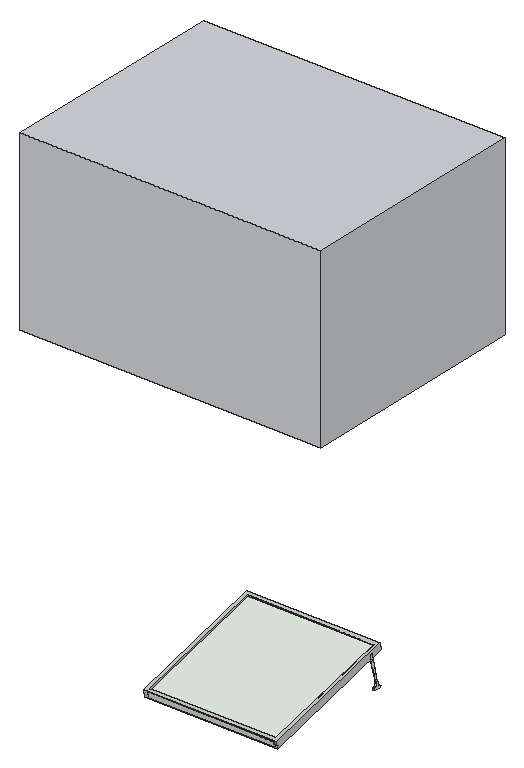
Revit family
Parameters
  Warranty Duration (Years) = 0
  Unit Width [instance] = 1' - 8"
  Unit Height [instance] = 1' - 8"
  Unit Depth = 0' - 1"
  URL = "http://www.americanspecialties.com/viewCategories.cfm"
  Trim Material = Glass
  Test Data = ""
  Specification = "http://www.arcat.com/sdspecs/htm/10810asi.htm"
  SpecWizard = ""
  Send Message = "http://www.arcat.com/users.pl?action=UserEmail&company=American%20Specialties,%20Inc.&coid=30448&rep=139&fax=914-476-0688&mf="
  Sales Information = "http://www.americanspecialties.com/contact"
  Revision = "R1_10-2010"
  Product Properties = "http://www.americanspecialties.com/datasheets/0600T.pdf"
  Product Data = "http://www.arcat.com/arcatcos/cos30/arc30448.html"
  Model = "As Specified in 10 28 13"
  Mirror W [instance] = 1' - 7"
  Mirror Height = 1' - 7 1/2"
  Manufacturer Website = "http://www.americanspecialties.com/viewCategories.cfm"
  Manufacturer Phone - Toll Free = ""
  Manufacturer Phone = "914-476-9000 "
  Manufacturer Fax = "914-476-0688"
  Manufacturer Address = "441 Saw Mill River Rd., Yonkers, NY 10701"
  Manufacturer = "American Specialties, Inc."
  Maintenance Schedule (Months) = 0
  M = if(B = 0' 4", 0' 3 205/256", 0' 0 7/8")  # 0' - 0 7/8"
  Keynote = "10 28 13"
  Installation-Fabrication = "http://www.americanspecialties.com/products.cfm"
  Green Building-LEED = ""
  Expected Lifespan (Years) = 0
  Drawn By = "Robert S. Weygant. CSI, CDT, SCIP"  # constant formula
  Description = "Toilet Accessory as Specified in 10 28 13"
  Default Elevation = 4' - 0"
  Copyright = "©Arcat Inc."
  Construction Details = "http://www.arcat.com/green/clients/leed_data_30448.html"
  Building Codes = "http://www.americanspecialties.com/products.cfm"
  Body Material = Metal - Stainless Steel
  B = 0' - 1"
  Assembly Code = "C1030210"
Reference planes (in)
  plane 1 "Center (Front/Back)": y = -0.29112
  plane 2 "Floor Line": z = 0
  plane 3 "Center (Left/Right)": x = -0.65843
  plane 4: z = 58
  plane 5: x = -10.65843
  plane 6: x = 9.34157
  plane 7: z = 48
  plane 8: z = 68
  plane 9: x = 8.84157
  plane 10: x = -10.15843
  plane 11: z = 6
Forms (in)
  Extrusion 1, solid
    sketch origin (-3, -9, -6) x (0, 0, -1) y (1, 0, 0)
      loop
        line (-82, 26) -> (-82, -19.34712) -> (-55.3581, -19.34712) -> (-55.3581, 26) -> (-82, 26)
    from 9 to -25.60721
  Extrusion 2, solid, material "Metal - Stainless Steel" <- "Body Material"
    sketch origin (-8.65843, 1.43085, 2.605) x (0, 0.970425, 0.241403) y (0, -0.241403, 0.970425)
      loop
        line (-10.79112, 0) -> (9.20888, 0) -> (9.20888, 1) -> (-10.79112, 1) -> (-10.79112, 0)
    from -2 to 18
  Extrusion 3, solid, material "Glass" <- "Trim Material"
    sketch origin (-0.65843, -0.26739, 2.18255) x (0, 0.970425, 0.241403) y (0, -0.241403, 0.970425)
      loop
        line (-9.04112, 0.875) -> (-9.04112, 0) -> (10.45888, 0) -> (10.45888, 0.875) -> (-9.04112, 0.875)
    from -9.5 to 9.5
  Extrusion 4, void
    sketch origin (-0.65843, -0.26739, 2.18255) x (0, 0.970425, 0.241403) y (0, -0.241403, 0.970425)
      loop
        line (10.45888, 0.25) -> (10.45888, 4.08757) -> (-8.54112, 4.08757) -> (-8.54112, 0.25) -> (10.45888, 0.25)
    from -9.5 to 9.5
  Extrusion 5, solid, material "Glass" <- "Trim Material"
    sketch origin (-0.65843, 0, 0) x (0, 1, 0) y (0, 0, 1)
      loop
        arc (9.8129, 0) -> (9.96828, 0.15538) -> (9.8129, 0.31076) r 0.15538
        line (9.8129, 0.31076) -> (9.55916, 0.31076) -> (9.55916, 0.87227)
        arc (9.55916, 0.87227) -> (9.43416, 0.99727) -> (9.30916, 0.87227) r 0.125
        line (9.30916, 0.87227) -> (9.30916, 0.31076) -> (9.0629, 0.31076)
        arc (9.0629, 0.31076) -> (8.90751, 0.15538) -> (9.0629, 0) r 0.15538
        line (9.0629, 0) -> (9.8129, 0)
      loop
        circle (9.43416, 0.87227) r 0.03725
      loop
        circle (9.0629, 0.15538) r 0.05677
      loop
        circle (9.8129, 0.15538) r 0.05677
    from 10 to 10.25635
  Extrusion 6, solid, material "Glass" <- "Trim Material"
    sketch origin (-0.65843, 0, 0) x (0, 1, 0) y (0, 0, -1)
      loop
        line (9.8129, 0) -> (9.0629, 0)
        arc (9.0629, 0) -> (8.90751, -0.15538) -> (9.0629, -0.31076) r 0.15538
        line (9.0629, -0.31076) -> (9.30916, -0.31076) -> (9.30916, -0.87227)
        arc (9.30916, -0.87227) -> (9.43416, -0.99727) -> (9.55916, -0.87227) r 0.125
        line (9.55916, -0.87227) -> (9.55916, -0.31076) -> (9.8129, -0.31076)
        arc (9.8129, -0.31076) -> (9.96828, -0.15538) -> (9.8129, 0) r 0.15538
      loop
        circle (9.43416, -0.87227) r 0.03725
      loop
        circle (9.0629, -0.15538) r 0.05677
      loop
        circle (9.8129, -0.15538) r 0.05677
    from 10 to 10.25635
  Extrusion 7, solid, material "Glass" <- "Trim Material"
    sketch origin (-10.72093, 0.49157, -2.25731) x (0, 0.970272, 0.242018) y (0, 0.242018, -0.970272)
      loop
        line (9.54914, -2.76571) -> (9.54914, -0.87227)
        arc (9.54914, -0.87227) -> (9.42414, -0.74727) -> (9.29914, -0.87227) r 0.125
        line (9.29914, -0.87227) -> (9.29914, -2.76571)
        arc (9.29914, -2.76571) -> (9.42414, -2.89071) -> (9.54914, -2.76571) r 0.125
      loop
        circle (9.43416, -0.87227) r 0.03725
      loop
        circle (9.42363, -2.70527) r 0.03725
    from 0 to 0.0625
  Extrusion 8, solid, material "Glass" <- "Trim Material"
    sketch origin (0.6046, 0.10033, -0.80114) x (0, 0.974554, 0.224155) y (0, 0.224155, -0.974554)
      loop
        line (9.55222, -3.72206) -> (9.55222, -1.3711)
        arc (9.55222, -1.3711) -> (9.42722, -1.2461) -> (9.30222, -1.3711) r 0.125
        line (9.30222, -1.3711) -> (9.30222, -3.72206)
        arc (9.30222, -3.72206) -> (9.42722, -3.84706) -> (9.55222, -3.72206) r 0.125
      loop
        circle (9.42722, -1.3711) r 0.03725
      loop
        circle (9.43835, -3.73574) r 0.03725
    from 11.26303 to 11.32553
  Extrusion 9, solid, material "Glass" <- "Trim Material"
    sketch origin (9.40407, 0.49157, -2.25731) x (0, 0.970272, 0.242018) y (0, -0.242018, 0.970272)
      loop
        arc (9.54914, 2.76571) -> (9.42414, 2.89071) -> (9.29914, 2.76571) r 0.125
        line (9.29914, 2.76571) -> (9.29914, 0.87227)
        arc (9.29914, 0.87227) -> (9.42414, 0.74727) -> (9.54914, 0.87227) r 0.125
        line (9.54914, 0.87227) -> (9.54914, 2.76571)
      loop
        circle (9.43416, 0.87227) r 0.03725
      loop
        circle (9.42363, 2.70527) r 0.03725
    from 0 to 0.0625
  Extrusion 10, solid, material "Glass" <- "Trim Material"
    sketch origin (-1.92146, 0.10033, -0.80114) x (0, 0.974554, 0.224155) y (0, -0.224155, 0.974554)
      loop
        arc (9.55222, 3.72206) -> (9.42722, 3.84706) -> (9.30222, 3.72206) r 0.125
        line (9.30222, 3.72206) -> (9.30222, 1.3711)
        arc (9.30222, 1.3711) -> (9.42722, 1.2461) -> (9.55222, 1.3711) r 0.125
        line (9.55222, 1.3711) -> (9.55222, 3.72206)
      loop
        circle (9.42722, 1.3711) r 0.03725
      loop
        circle (9.43835, 3.73574) r 0.03725
    from 11.26303 to 11.32553
Cuts and joins
  Extrusion 4 cuts Extrusion 2
Dimensions and locks (in)
  equal spacing: plane 8, plane 4, plane 7
  equal spacing: plane 6, plane 3 "Center (Left/Right)", plane 5
  "Unit Width": plane 6 to plane 5
  "Unit Height": plane 8 to plane 7
  "Default Elevation": plane 7 to plane 2 "Floor Line"
  "Unit Height": Extrusion 2 sketch curve to Extrusion 2 sketch curve
  locked: Extrusion 2 sketch curve to Extrusion 2 sketch curve at 1
  "B": Extrusion 2 sketch curve to Extrusion 2 sketch curve
  locked: cut or joined group of Extrusion 2, Extrusion 4 to cut or joined group of Extrusion 2, Extrusion 4 at 0.5  (x2)
  "Mirror W": plane 10 to plane 9
  equal spacing: plane 10, plane 3 "Center (Left/Right)", plane 9
  "M": Extrusion 3 sketch curve to Extrusion 3 sketch curve
  locked: Extrusion 3 sketch curve to Extrusion 3 sketch curve at 0.875
  aligned and locked: plane 6 to cut or joined group of Extrusion 2, Extrusion 4
  aligned and locked: cut or joined group of Extrusion 2, Extrusion 4 to plane 5
  aligned and locked: Extrusion 3 to plane 9
  aligned and locked: plane 10 to Extrusion 3
  aligned and locked: Extrusion 3 to Extrusion 4
  aligned and locked: Extrusion 5 to plane 6
Automatic sketch dimensions
  Extrusion 1 sketch curve to Extrusion 1 sketch curve = 2' - 2.6419"
  Extrusion 1 sketch curve to Extrusion 1 sketch curve = 3' - 9.34712"
  Extrusion 2 sketch curve to level = 0' - 0"
  plane 1 "Center (Front/Back)" to Extrusion 2 sketch curve = 0' - 8.9914"
  Extrusion 3 sketch curve to level = 0' - 0"
  plane 1 "Center (Front/Back)" to Extrusion 3 sketch curve = 0' - 8 3/4"
  Extrusion 3 sketch curve to Extrusion 3 sketch curve = 1' - 7 1/2"
  level to Extrusion 4 sketch curve = 0' - 0.36331"
  plane 1 "Center (Front/Back)" to Extrusion 4 sketch curve = 0' - 8.32514"
  Extrusion 4 sketch curve to Extrusion 4 sketch curve = 1' - 7"
  Extrusion 4 sketch curve to Extrusion 4 sketch curve = 0' - 3.83757"
  Extrusion 5 sketch curve to Extrusion 5 sketch curve = 0' - 0"  (x6)
  Extrusion 5 sketch curve to level = 0' - 0"
  level to Extrusion 5 sketch curve = 0' - 0.15538"
  Extrusion 5 sketch curve to plane 1 "Center (Front/Back)" = 0' - 9.35401"
  Extrusion 5 sketch curve to Extrusion 5 sketch curve = 0' - 0.24626"
  Extrusion 5 sketch curve to Extrusion 5 sketch curve = 0' - 0 1/8"
  Extrusion 5 sketch curve to Extrusion 5 sketch curve = 0' - 0.25374"
  Extrusion 5 sketch curve to Extrusion 5 sketch curve = 0' - 0.15538"
  Extrusion 5 sketch curve to Extrusion 5 sketch curve = 0' - 0.56151"
  Extrusion 6 sketch curve to Extrusion 6 sketch curve = 0' - 0"  (x7)
  Extrusion 6 sketch curve to level = 0' - 0"
  level to Extrusion 6 sketch curve = 0' - 0.15538"
  Extrusion 6 sketch curve to plane 1 "Center (Front/Back)" = 0' - 9.35401"
  Extrusion 6 sketch curve to Extrusion 6 sketch curve = 0' - 0.24626"
  Extrusion 6 sketch curve to Extrusion 6 sketch curve = 0' - 0 1/8"
  Extrusion 6 sketch curve to Extrusion 6 sketch curve = 0' - 0.25374"
  Extrusion 6 sketch curve to Extrusion 6 sketch curve = 0' - 0.56151"
  level to Extrusion 7 sketch curve = 0' - 2.67675"
  Extrusion 7 sketch curve to plane 1 "Center (Front/Back)" = 0' - 9.13603"
  Extrusion 7 sketch curve to Extrusion 7 sketch curve = 0' - 0.12448"
  Extrusion 7 sketch curve to Extrusion 7 sketch curve = 0' - 0.00052"
  Extrusion 7 sketch curve to Extrusion 7 sketch curve = 0' - 0.01001"
  Extrusion 7 sketch curve to Extrusion 7 sketch curve = 0' - 0.06045"
  Extrusion 7 sketch curve to Extrusion 7 sketch curve = 0' - 1.833"
  Extrusion 7 sketch curve to Extrusion 7 sketch curve = 0' - 0"
  Extrusion 8 sketch curve to Extrusion 8 sketch curve = 0' - 0"  (x2)
  Extrusion 8 sketch curve to plane 11 = 0' - 1.08865"
  Extrusion 8 sketch curve to plane 1 "Center (Front/Back)" = 0' - 8.62264"
  Extrusion 8 sketch curve to Extrusion 8 sketch curve = 0' - 0 1/8"
  Extrusion 8 sketch curve to Extrusion 8 sketch curve = 0' - 0.01113"
  Extrusion 8 sketch curve to Extrusion 8 sketch curve = 0' - 0.01368"
  Extrusion 8 sketch curve to Extrusion 8 sketch curve = 0' - 2.35096"
  level to Extrusion 9 sketch curve = 0' - 2.67675"
  Extrusion 9 sketch curve to plane 1 "Center (Front/Back)" = 0' - 9.13603"
  Extrusion 9 sketch curve to Extrusion 9 sketch curve = 0' - 0.12448"
  Extrusion 9 sketch curve to Extrusion 9 sketch curve = 0' - 0.00052"
  Extrusion 9 sketch curve to Extrusion 9 sketch curve = 0' - 0.01001"
  Extrusion 9 sketch curve to Extrusion 9 sketch curve = 0' - 0.06045"
  Extrusion 9 sketch curve to Extrusion 9 sketch curve = 0' - 1.833"
  Extrusion 9 sketch curve to Extrusion 9 sketch curve = 0' - 0"
  Extrusion 10 sketch curve to Extrusion 10 sketch curve = 0' - 0"  (x2)
  Extrusion 10 sketch curve to plane 11 = 0' - 1.08865"
  Extrusion 10 sketch curve to plane 1 "Center (Front/Back)" = 0' - 8.62264"
  Extrusion 10 sketch curve to Extrusion 10 sketch curve = 0' - 0 1/8"
  Extrusion 10 sketch curve to Extrusion 10 sketch curve = 0' - 0.01113"
  Extrusion 10 sketch curve to Extrusion 10 sketch curve = 0' - 2.35096"
  Extrusion 10 sketch curve to Extrusion 10 sketch curve = 0' - 0.01368"
  radius of Extrusion 5 sketch curve = 0' - 0.03725"
  radius of Extrusion 5 sketch curve = 0' - 0.05677"  (x2)
  radius of Extrusion 6 sketch curve = 0' - 0.03725"
  radius of Extrusion 6 sketch curve = 0' - 0.05677"  (x2)
  radius of Extrusion 7 sketch curve = 0' - 0.03725"  (x2)
  radius of Extrusion 8 sketch curve = 0' - 0.03725"  (x2)
  radius of Extrusion 9 sketch curve = 0' - 0.03725"  (x2)
  radius of Extrusion 10 sketch curve = 0' - 0.03725"  (x2)
